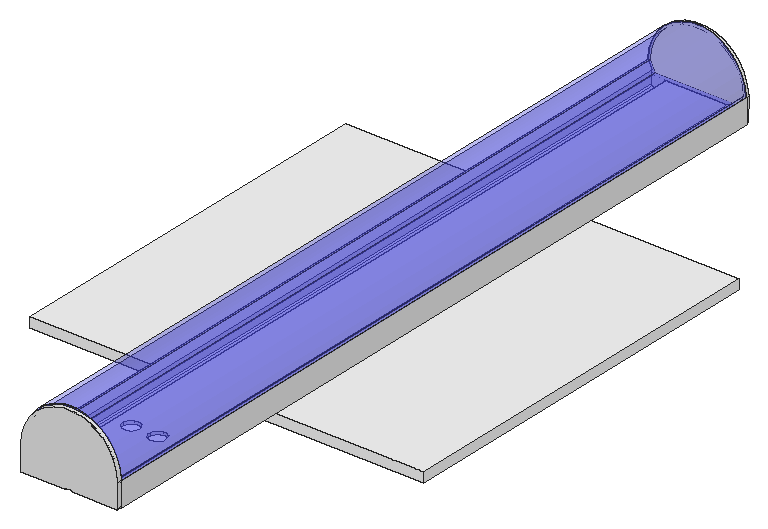
Revit family "BE_51244.3_de_DE", category Leuchten, Revit 2020
Family settings
  Basisbauteil = Fläche
  Bemaßung runder Anschluss = Durchmesser verwenden
  Teiletyp = Normal
  Beim Laden mit Abzugskörper schneiden = Ja
  Lichtquelle = Ja
  Gemeinsam genutzt = Nein
  Raumberechnungspunkt = Ja
Parameters (values of type "BEGA_51244.3_K3")
  built-in parameter 1150104 = 14.054 (stored number, unit not read)
  Wattage = 31.2 W
  Default Elevation = 0 mm
  built-in parameter 1150113 = 1 (stored number, unit not read)
  built-in parameter 1114218 = 1 (stored number, unit not read)
  Umgebungstemperatur = "25 °C"
  URL = "https://www.bega.com/de/produkt/51244.3"
  Typenkommentare = "© 2023 BEGA. Wir behalten uns das Recht vor, technische Änderungen ohne vorherige Ankündigung vorzunehmen."  # constant formula
  built-in parameter 1150134 = (empty or 0)
  built-in parameter 1150109 = 1 (stored number, unit not read)
  Strom = ""
  built-in parameter 1150110 = 1 (stored number, unit not read)
  Spannung = 239.996 V
  Sonderanfertigung = no
  Seriennummer [instance] = "Hier können Sie die eindeutige Seriennummer für das Facility Management eintragen."
  Schutzklasse = "I"
  Schutzart = "IP 44"
  Scheinlast = 0 VA
  Produktdatenblatt = "https://cdn.bega.com/bega/products/51244.3K3/current/documents/data-sheets/de"
  Oberflächentemperatur = ""
  Neigungswinkel = 0.00°
  Modell = "51244.3K3"
  Material_23 = BEGA_Oberfläche_Chrom_poliert
  Material_14 = BEGA_Kunststoff_opal
  M_W = no
  M_G = no
  M_A = no
  Logo = 0
  built-in parameter 1114217 = 1 (stored number, unit not read)
  built-in parameter 1150139 = (empty or 0)
  built-in parameter 1150105 = 375.6 (stored number, unit not read)
  built-in parameter 1150114 = 1 (stored number, unit not read)
  Lumens = 4719.94 lm
  built-in parameter 1150115 = 1 (stored number, unit not read)
  Leuchtenlichtstrom = "3590 lm"
  Leuchtenanzahl = ""
  Lebensdauerkriterien = "L70B50 @ 25 °C = 130000 h"
  Lastklassifizierung = Beleuchtung
  built-in parameter 1150112 = 1 (stored number, unit not read)
  Lampenlichtstrom = "4720 lm"
  Lampe = "LED 31.2 W"
  LED_Modulbezeichnung = "4x LED-1307/930"
  Hersteller = "BEGA"  # constant formula
  Halbstreuwinkel = ""
  Gewicht = "2.5 kg"
  Gebrauchslageneinschränkung [instance] = ""
  Frequenz = "0/50-60 Hz"
  Farbwiedergabeindex = "CRI > 90"
  Farbtemperaturverschiebung bei Dämpfen der Lampe = <Keine Auswahl>
  Farbtemperatur = "3000 K"
  Color Filter = 16777215
  built-in parameter 1150133 = 10 (stored number, unit not read)
  Energieeffizienzklasse = "LED A++ - A"
  built-in parameter 1150137 = (empty or 0)
  built-in parameter 1150132 = (empty or 0)
  ENEC = ""
  Dimmbar [instance] = "DALI"
  Datei für fotometrisches Netz = "BE_51244K3.ies"
  CE_Konformität = "ja"
  Bestellnummer = "51244.3K3"
  Beschreibung_Sonderanfertigung = "Hier können Sie Informationen zur Sonderanfertigung eintragen."
  Beschreibung = "Wandleuchte"
  built-in parameter 1150106 = 3.756 (stored number, unit not read)
  Befestigungsbohrung = "Ø 4,8 mm"
  Befestigungsabstand = "700 x 81 mm"
  Ballwurfsicher = ""
  BEGA_Intern_aus = yes
  BEGA_Intern_an = yes
  BEGA_Intern_Konstruktion = yes
  BEGA_Intern = yes
  BEGA_IES = yes
  BEGA_Dummy = no
  Anschlussleitung = ""
  Anschlussleistung [instance] = "35.4 W"
  Anschlusskasten = ""
  built-in parameter 1150107 = 3000 (stored number, unit not read)
  built-in parameter 1150102 = (empty or 0)
  built-in parameter 1150138 = (empty or 0)
  Aktualisierung = "2023-01-27T04:00:04"
  Abstand_zur_angestrahlten_Fläche [instance] = ""
  AC/DC = "AC/DC"
Reference planes
  plane 1 "Mitte (Vorne/Hinten)": y = 0
  plane 2: z = 0
  plane 3 "Mitte (Links/Rechts)": x = 0
  plane 4 "Links": x = -50
  plane 5 "Rechts": x = 50
  plane 6 "Unten": y = -400.624
  plane 7 "Oben": y = 399.58
  plane 8 "Vorne": z = 75
  plane 9 "Hinten": z = 0
Forms (mm)
  Extrusion 1, solid, material "BEGA_Platte_Weiss"
    sketch origin (0, -1119.2, 0) x (1, 0, 0) y (0, 1, 0)
      loop
        line (-200, 1319.2) -> (-200, 919.2) -> (200, 919.2) -> (200, 1319.2) -> (-200, 1319.2)
    from 0 to -10
  Extrusion 2, solid, material "BEGA_Dummy_matt", visible <- "BEGA_Dummy"
    sketch origin (80.095, -76.023, 0) x (1, 0, 0) y (0, 1, 0)
      loop
        line (-130.095, 475.603) -> (-130.095, -324.601) -> (-30.095, -324.601) -> (-30.095, 475.603) -> (-130.095, 475.603)
    from 0 to 75
Dimensions and locks
  plane 1 "Mitte (Vorne/Hinten)" to Extrusion 1 = 200 mm
  aligned and locked: Extrusion 1 to plane 2
  aligned and locked: Extrusion 1 to level
Nested families
  nested 1: "BE_51244.3_Leuchte" at (0, 0, 0), type "BE_51244.3_Leuchte"
Connectors
  electrical at (0, 0, 0), driven by "Lastklassifizierung", driven by "Spannung", driven by "Scheinlast"
    settings: index 1, voltage 239.996 V, apparent load 0 VA, apparent load phase1 0 VA, apparent load phase2 0 VA, apparent load phase3 0 VA, power factor 1, load classification "Beleuchtung", number of poles 1, system type 31, power factor state 1, is connector primary yes, connector utility no, sub classification motor no, connector description ""
Definition of nested family "BE_51244.3_Leuchte"
  Parameters (values of type "BE_51244.1_Leuchte")
    Default Elevation = 1 mm
    URL = "http://www.bega.de/de/produkt"
    Type Comments = "© 2015 BEGA. Wir behalten uns das Recht vor, technische Änderungen ohne vorherige Ankündigung vorzunehmen. "  # constant formula
    Type Image = (empty or 0)
    Material_34 = none
    Material_14 = none
    Länge_Platte = 200 mm  # constant formula
    Höhe_Platte = -10 mm  # constant formula
    Manufacturer = "BEGA"  # constant formula
    Breite_Platte = 200 mm  # constant formula
  Reference planes
    plane 1 "Mitte (Oben/Unten)": y = 0
    plane 2: z = 0
    plane 3 "Mitte (Links/Rechts)": x = 0
  Forms (mm)
    Extrusion 1, solid, detail levels medium
      sketch origin (0, 0, 0) x (1, 0, 0) y (0, 1, 0)
        loop
          line (-100, 100) -> (-100, -100) -> (100, -100) -> (100, 100) -> (-100, 100)
      from 0 to -10 <- "Höhe_Platte"
    Extrusion 2, solid, material <- "Material_34"
      sketch origin (0, 0, 0) x (1, 0, 0) y (0, 0, 1)
        loop
          line (33.15, 0) -> (48.107, 0) -> (48.8, 1.2) -> (50, 1.2) -> (50, 25.072) -> (46.2, 16.923) -> (47.5, 16.317) -> (47.5, 4)
          arc (47.5, 4) -> (47.061, 2.939) -> (46, 2.5) r 1.5
          line (46, 2.5) -> (35, 2.5) -> (32.16, 11.789)
          arc (32.16, 11.789) -> (31.799, 12.303) -> (31.203, 12.5) r 1
          line (31.203, 12.5) -> (-31.203, 12.5)
          arc (-31.203, 12.5) -> (-31.799, 12.303) -> (-32.16, 11.789) r 1
          line (-32.16, 11.789) -> (-35, 2.5) -> (-46, 2.5)
          arc (-46, 2.5) -> (-47.061, 2.939) -> (-47.5, 4) r 1.5
          line (-47.5, 4) -> (-47.5, 16.317) -> (-46.2, 16.923) -> (-50, 25.072) -> (-50, 1.2) -> (-48.8, 1.2) -> (-48.107, 0) -> (-33.15, 0) -> (-30.093, 10) -> (30.093, 10) -> (33.15, 0)
      from -396.72 to 396.58
    Extrusion 3, solid, material <- "Material_14"
      sketch origin (0, 0, 0) x (1, 0, 0) y (0, 0, 1)
        loop
          line (-50, 25.072) -> (-44.404, 13.072) -> (44.404, 13.072) -> (50, 25.072)
          arc (50, 25.072) -> (0, 75.072) -> (-50, 25.072) r 50
        loop
          line (-46.995, 25.728) -> (-42.493, 16.072) -> (42.493, 16.072) -> (46.995, 25.728)
          arc (46.995, 25.728) -> (0, 72.072) -> (-46.995, 25.728) r 47
      from -396.72 to 396.58
    Extrusion 4, solid, material <- "Material_34"
      sketch origin (0, 0, 0) x (1, 0, 0) y (0, 0, 1)
        loop
          line (3.833, 0.681) -> (48.5, 0.581)
          arc (48.5, 0.581) -> (49.207, 0.874) -> (49.5, 1.581) r 1
          line (49.5, 1.581) -> (49.5, 24.881)
          arc (49.5, 24.881) -> (0, 74.381) -> (-49.5, 24.881) r 49.5
          line (-49.5, 24.881) -> (-49.5, 1.581)
          arc (-49.5, 1.581) -> (-49.207, 0.874) -> (-48.5, 0.581) r 1
          line (-48.5, 0.581) -> (-3.873, 0.581)
          arc (-3.873, 0.581) -> (-3.14, 1.524) -> (-2, 1.881) r 2
          line (-2, 1.881) -> (2, 1.881)
          arc (2, 1.881) -> (3.095, 1.554) -> (3.833, 0.681) r 2
      from 396.58 to 400.624
    Extrusion 5, solid, material <- "Material_34"
      sketch origin (0, 0, 0) x (1, 0, 0) y (0, 0, -1)
        loop
          arc (3.833, -0.681) -> (3.095, -1.554) -> (2, -1.881) r 2
          line (2, -1.881) -> (-2, -1.881)
          arc (-2, -1.881) -> (-3.14, -1.524) -> (-3.873, -0.581) r 2
          line (-3.873, -0.581) -> (-48.5, -0.581)
          arc (-48.5, -0.581) -> (-49.207, -0.874) -> (-49.5, -1.581) r 1
          line (-49.5, -1.581) -> (-49.5, -24.881)
          arc (-49.5, -24.881) -> (0, -74.381) -> (49.5, -24.881) r 49.5
          line (49.5, -24.881) -> (49.5, -1.581)
          arc (49.5, -1.581) -> (49.207, -0.874) -> (48.5, -0.581) r 1
          line (48.5, -0.581) -> (3.833, -0.681)
      from 396.72 to 399.58
    Extrusion 6, void
      sketch origin (0, 0, 0) x (1, 0, 0) y (0, 1, 0)
        loop
          circle (-40.5, -349.93) r 2.4
        loop
          circle (40.5, -349.93) r 2.4
        loop
          circle (13.5, -304.93) r 8.5
        loop
          circle (-13.5, -304.93) r 8.5
        loop
          circle (-40.5, 350.07) r 2.4
        loop
          circle (40.5, 350.07) r 2.4
      from 0 to 12.5
  Cuts and joins
    Extrusion 6 cuts Extrusion 2
    Extrusion 6 cuts Extrusion 3
  Dimensions and locks
    equal spacing: Extrusion 1 sketch curve, plane 3 "Mitte (Links/Rechts)", Extrusion 1 sketch curve
    equal spacing: Extrusion 1 sketch curve, plane 1 "Mitte (Oben/Unten)", Extrusion 1 sketch curve
    "Länge_Platte": Extrusion 1 sketch curve to Extrusion 1 sketch curve
    "Breite_Platte": Extrusion 1 sketch curve to Extrusion 1 sketch curve
    plane 1 "Mitte (Oben/Unten)" to Extrusion 1 = 100 mm  (x3)
    Extrusion 2 to plane 1 "Mitte (Oben/Unten)" = 396.72 mm
    Extrusion 3 to plane 1 "Mitte (Oben/Unten)" = 396.58 mm
    Extrusion 5 to Extrusion 3 = 2.859 mm
    Extrusion 3 to Extrusion 4 = 4.045 mm
    locked: Extrusion 5 to Extrusion 4 at 800.204  (x2)
    aligned and locked: Extrusion 1 to plane 2
    aligned and locked: level to Extrusion 1
    aligned and locked: Extrusion 2 to Extrusion 3
  Automatic sketch dimensions
    Extrusion 2 sketch curve to level = 0 mm  (x2)
    level to Extrusion 2 sketch curve = 1.2 mm  (x2)
    Extrusion 2 sketch curve to plane 3 "Mitte (Links/Rechts)" = 50 mm
    Extrusion 2 sketch curve to Extrusion 2 sketch curve = 1.2 mm
    Extrusion 2 sketch curve to Extrusion 2 sketch curve = 0.693 mm  (x2)
    level to Extrusion 2 sketch curve = 16.317 mm
    Extrusion 2 sketch curve to Extrusion 2 sketch curve = 2.5 mm
    level to Extrusion 2 sketch curve = 16.923 mm  (x2)
    Extrusion 2 sketch curve to Extrusion 2 sketch curve = 1.3 mm  (x2)
    Extrusion 2 sketch curve to Extrusion 2 sketch curve = 1.5 mm
    level to Extrusion 2 sketch curve = 2.5 mm  (x2)
    Extrusion 2 sketch curve to Extrusion 2 sketch curve = 11 mm  (x2)
    Extrusion 2 sketch curve to Extrusion 2 sketch curve = 1.85 mm  (x2)
    level to Extrusion 2 sketch curve = 11.789 mm  (x2)
    Extrusion 2 sketch curve to Extrusion 2 sketch curve = 2.84 mm
    Extrusion 2 sketch curve to Extrusion 2 sketch curve = 0.957 mm  (x2)
    Extrusion 2 sketch curve to Extrusion 2 sketch curve = 1.11 mm  (x2)
    level to Extrusion 2 sketch curve = 10 mm
    plane 3 "Mitte (Links/Rechts)" to Extrusion 2 sketch curve = 30.093 mm
    Extrusion 2 sketch curve to Extrusion 2 sketch curve = 3.057 mm
    Extrusion 2 sketch curve to Extrusion 2 sketch curve = 0.2 mm
    Extrusion 2 sketch curve to Extrusion 2 sketch curve = 2.107 mm
    Extrusion 2 sketch curve to Extrusion 2 sketch curve = 3.8 mm
    Extrusion 2 sketch curve to Extrusion 2 sketch curve = 0.289 mm
    Extrusion 2 sketch curve to Extrusion 2 sketch curve = 0.606 mm
    Extrusion 3 sketch curve to Extrusion 3 sketch curve = 0 mm  (x2)
    Extrusion 3 sketch curve to plane 3 "Mitte (Links/Rechts)" = 0 mm
    level to Extrusion 3 sketch curve = 16.072 mm
    Extrusion 3 sketch curve to plane 3 "Mitte (Links/Rechts)" = 42.493 mm
    level to Extrusion 3 sketch curve = 13.072 mm
    Extrusion 3 sketch curve to Extrusion 3 sketch curve = 1.911 mm  (x2)
    Extrusion 3 sketch curve to Extrusion 3 sketch curve = 4.502 mm
    Extrusion 3 sketch curve to Extrusion 3 sketch curve = 3.005 mm  (x2)
    Extrusion 3 sketch curve to Extrusion 3 sketch curve = 7.507 mm
    level to Extrusion 3 sketch curve = 25.728 mm
    level to Extrusion 3 sketch curve = 25.072 mm
    Extrusion 3 sketch curve to Extrusion 3 sketch curve = 0.655 mm
    Extrusion 3 sketch curve to Extrusion 3 sketch curve = 9 mm
    Extrusion 4 sketch curve to plane 3 "Mitte (Links/Rechts)" = 0 mm
    Extrusion 4 sketch curve to level = 0.119 mm  (x2)
    Extrusion 4 sketch curve to plane 3 "Mitte (Links/Rechts)" = 2 mm
    level to Extrusion 4 sketch curve = 0.581 mm  (x2)
    Extrusion 4 sketch curve to Extrusion 4 sketch curve = 1.873 mm
    Extrusion 4 sketch curve to Extrusion 4 sketch curve = 44.627 mm
    Extrusion 4 sketch curve to Extrusion 4 sketch curve = 1 mm  (x2)
    plane 3 "Mitte (Links/Rechts)" to Extrusion 4 sketch curve = 2 mm
    level to Extrusion 4 sketch curve = 0.681 mm
    Extrusion 4 sketch curve to Extrusion 4 sketch curve = 23.3 mm
    Extrusion 5 sketch curve to plane 3 "Mitte (Links/Rechts)" = 0 mm
    Extrusion 5 sketch curve to level = 0.119 mm  (x2)
    Extrusion 5 sketch curve to plane 3 "Mitte (Links/Rechts)" = 2 mm
    level to Extrusion 5 sketch curve = 0.581 mm
    Extrusion 5 sketch curve to Extrusion 5 sketch curve = 1.873 mm
    Extrusion 5 sketch curve to Extrusion 5 sketch curve = 44.627 mm
    Extrusion 5 sketch curve to Extrusion 5 sketch curve = 1 mm  (x2)
    plane 3 "Mitte (Links/Rechts)" to Extrusion 5 sketch curve = 2 mm
    level to Extrusion 5 sketch curve = 0.681 mm
    level to Extrusion 5 sketch curve = 24.881 mm
    level to Extrusion 5 sketch curve = 1.581 mm
